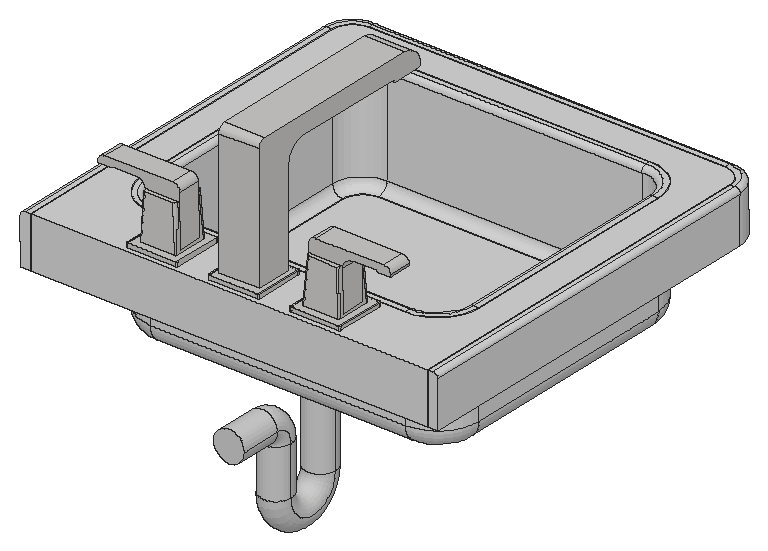
Revit family
Parameters (values of type "Sink_Wall-Mounted_Reed")
  Subcategory = "Commercial Lavatories and Sinks"  # constant formula
  SmartBIM Object Version = 3  # constant formula
  SmartBIM Object Created By = "Reed Construction Data"  # constant formula
  Assembly Code = "D2010440"
  Depth = 1' - 8"
  Material = Finishes - Interior - Porcelain
  Height = 3' - 0"
  Width = 1' - 8 1/2"
  95 CSI = "15410-600"  # constant formula
  04 CSI = "22 42 16"  # constant formula
Reference planes (in)
  plane 1: y = 0
  plane 2: x = 11.55865
  plane 3: z = 36
  plane 4: y = 3
  plane 5: y = 23
  plane 6: x = 21.80865
  plane 7: x = 1.30865
  plane 8: z = 30
  plane 9: x = 8.43365
  plane 10: x = 14.6776
  plane 11: y = 5
Forms (in)
  Extrusion 1, solid, material "Finishes - Interior - Porcelain" <- "Material"
    sketch origin (0, 0, 36) x (0, 1, 0) y (-1, 0, 0)
      loop
        line (21.5, -1.80865) -> (3, -1.80865) -> (3, -21.30865) -> (21.5, -21.30865)
        arc (21.5, -21.30865) -> (22.20711, -21.01576) -> (22.5, -20.30865) r 1
        line (22.5, -20.30865) -> (22.5, -2.80865)
        arc (22.5, -2.80865) -> (22.20711, -2.10154) -> (21.5, -1.80865) r 1
    from 0 to -2.5
  Sweep 2, solid, material "Finishes - Interior - Porcelain" <- "Material"
    path origin (0, 0, 36) x (0, 1, 0) y (-1, 0, 0)
      loop
        line (3, -1.80865) -> (21.5, -1.80865)
        arc (21.5, -1.80865) -> (22.20711, -2.10154) -> (22.5, -2.80865) r 1
        line (22.5, -2.80865) -> (22.5, -20.30865)
        arc (22.5, -20.30865) -> (22.20711, -21.01576) -> (21.5, -21.30865) r 1
        line (21.5, -21.30865) -> (3, -21.30865)
    profile origin (0, 12.25, 34) x (-1, 0, 0) y (0, 0, 1)
      loop
        line (-1.80865, -0.5) -> (-1.30865, -0.5) -> (-1.30865, 1.75)
        arc (-1.30865, 1.75) -> (-1.38187, 1.92678) -> (-1.55865, 2) r 0.25
        line (-1.55865, 2) -> (-1.80865, 2) -> (-1.80865, -0.5)
  Sweep 3, solid, material "Metal - Stainless Steel, Satin Plain"
    path origin (11.55865, 0, 0) x (0, -1, 0) y (0, 0, 1)
      loop
        line (-8.43901, 30) -> (-8.43901, 25.94394)
        arc (-8.43901, 25.94394) -> (-7.2195, 24.72443) -> (-6, 25.94394) r 1.2195
        line (-6, 25.94394) -> (-6, 28.34196)
        arc (-6, 28.34196) -> (-5.70711, 29.04907) -> (-5, 29.34196) r 1
        line (-5, 29.34196) -> (-3, 29.34196)
    profile origin (11.55865, 0, 27.97197) x (-1, 0, 0) y (0, -1, 0)
      loop
        circle (0, -8.58304) r 0.75
  Extrusion 4, void
    sketch origin (0, 0, 36) x (0, 1, 0) y (-1, 0, 0)
      loop
        arc (21, -5.30865) -> (20.41421, -3.89444) -> (19, -3.30865) r 2
        line (19, -3.30865) -> (8, -3.30865)
        arc (8, -3.30865) -> (6.58579, -3.89444) -> (6, -5.30865) r 2
        line (6, -5.30865) -> (6, -17.80865)
        arc (6, -17.80865) -> (6.58579, -19.22286) -> (8, -19.80865) r 2
        line (8, -19.80865) -> (19, -19.80865)
        arc (19, -19.80865) -> (20.41421, -19.22286) -> (21, -17.80865) r 2
        line (21, -17.80865) -> (21, -5.30865)
    from 0 to -4
  Sweep 5, solid, material "Finishes - Interior - Porcelain" <- "Material"
    path origin (0, 0, 36) x (0, 1, 0) y (-1, 0, 0)
      loop
        arc (21, -5.30865) -> (20.41421, -3.89444) -> (19, -3.30865) r 2
        line (19, -3.30865) -> (8, -3.30865)
        arc (8, -3.30865) -> (6.58579, -3.89444) -> (6, -5.30865) r 2
        line (6, -5.30865) -> (6, -17.80865)
        arc (6, -17.80865) -> (6.58579, -19.22286) -> (8, -19.80865) r 2
        line (8, -19.80865) -> (19, -19.80865)
        arc (19, -19.80865) -> (20.41421, -19.22286) -> (21, -17.80865) r 2
        line (21, -17.80865) -> (21, -5.30865)
    profile origin (11.55865, 0, 34) x (0, 1, 0) y (0, 0, 1)
      loop
        line (21, 2) -> (20.75, 2)
        arc (20.75, 2) -> (20.57322, 1.92678) -> (20.5, 1.75) r 0.25
        line (20.5, 1.75) -> (20.5, -3)
        arc (20.5, -3) -> (20.35355, -3.35355) -> (20, -3.5) r 0.5
        line (20, -3.5) -> (20, -4)
        arc (20, -4) -> (20.70711, -3.70711) -> (21, -3) r 1
        line (21, -3) -> (21, 2)
  Extrusion 6, solid, material "Finishes - Interior - Porcelain"
    sketch origin (0, 0, 30) x (1, 0, 0) y (0, 1, 0)
      loop
        arc (5.30865, 20) -> (4.60154, 19.70711) -> (4.30865, 19) r 1
        line (4.30865, 19) -> (4.30865, 8)
        arc (4.30865, 8) -> (4.60154, 7.29289) -> (5.30865, 7) r 1
        line (5.30865, 7) -> (17.80865, 7)
        arc (17.80865, 7) -> (18.51576, 7.29289) -> (18.80865, 8) r 1
        line (18.80865, 8) -> (18.80865, 19)
        arc (18.80865, 19) -> (18.51576, 19.70711) -> (17.80865, 20) r 1
        line (17.80865, 20) -> (5.30865, 20)
      loop
        circle (11.55865, 8.58304) r 0.88678
    from 0 to 0.5
Cuts and joins
  Extrusion 4 cuts Extrusion 1
  Extrusion 4 cuts Sweep 2
  Extrusion 4 cuts Sweep 3
Lines and regions (in)
  symbolic lines
    curve 1: line (1.30865, 3, 0) -> (21.80865, 3, 0)
    curve 2: line (4.30865, 19, 0) -> (4.30865, 8, 0)
    curve 3: arc (5.30865, 20, 0) -> (4.60154, 19.70711, 0) -> (4.30865, 19, 0) r 1
    curve 4: line (17.80865, 20, 0) -> (5.30865, 20, 0)
    curve 5: arc (17.80865, 20, 0) -> (18.51576, 19.70711, 0) -> (18.80865, 19, 0) r 1
    curve 6: line (18.80865, 8, 0) -> (18.80865, 19, 0)
    curve 7: arc (5.30865, 7, 0) -> (4.60154, 7.29289, 0) -> (4.30865, 8, 0) r 1
    curve 8: arc (18.80865, 8, 0) -> (18.51576, 7.29289, 0) -> (17.80865, 7, 0) r 1
    curve 9: arc (2.30865, 23, 0) -> (1.60154, 22.70711, 0) -> (1.30865, 22, 0) r 1
    curve 10: line (1.30865, 22, 0) -> (1.30865, 3, 0)
    curve 11: line (20.80865, 23, 0) -> (2.30865, 23, 0)
    curve 12: arc (20.80865, 23, 0) -> (21.51576, 22.70711, 0) -> (21.80865, 22, 0) r 1
    curve 13: line (21.80865, 3, 0) -> (21.80865, 22, 0)
    curve 14: line (5.30865, 7, 0) -> (17.80865, 7, 0)
Text (in)
  text "Interior" at (0, 9.57251, 67.90327), in view "Right"
  text "Interior" at (-36.7675, 10.91449, 0), in view "Floor Line"
  text "Interior" at (0, 31.00986, 85.16182), in view "Left"
Dimensions and locks (in)
  "Depth": plane 4 to plane 5
  equal spacing: plane 7, plane 2, plane 6
  "Width": plane 7 to plane 6
  "Height": level to plane 3
  locked: plane 3 to plane 8 at 6
  locked: plane 4 to plane 11 at 2
  locked: plane 7 to Sweep 5 sketch curve at 2
  locked: Sweep 5 sketch curve to plane 6 at 2
  locked: plane 7 to Extrusion 4 sketch curve at 2
  locked: Extrusion 4 sketch curve to plane 6 at 2
  aligned and locked: curve 1 to host wall
  aligned and locked: plane 4 to host wall
  aligned and locked: Extrusion 6 sketch curve to Sweep 5  (x2)
  aligned and locked: Sweep 5 to Extrusion 6 sketch curve  (x2)
  aligned and locked: curve 6 to Extrusion 6
  aligned and locked: Sweep 5 to plane 3
  aligned and locked: plane 3 to nested 1
  aligned and locked: plane 2 to nested 1
Automatic sketch dimensions
  Sweep 3 sketch curve to plane 8 = 0' - 0"
  Sweep 3 sketch curve to plane 4 = 0' - 0"
  Sweep 3 sketch curve to plane 4 = 0' - 2"
  Sweep 3 sketch curve to plane 4 = 0' - 3"
  Sweep 3 sketch curve to Sweep 3 sketch curve = 0' - 1.2195"
  plane 8 to Sweep 3 sketch curve = 0' - 0.65804"
  Sweep 3 sketch curve to Sweep 3 sketch curve = 0' - 2.39803"
  Sweep 2 sketch curve to profile plane = 0' - 0"
  Sweep 2 sketch curve to plane 3 = 0' - 0"
  Sweep 2 sketch curve to profile plane = 0' - 0 1/4"
  Sweep 2 sketch curve to Sweep 2 sketch curve = 0' - 0 1/4"
  Sweep 2 sketch curve to Sweep 2 sketch curve = 0' - 2 1/4"
  Extrusion 4 sketch curve to plane 4 = 0' - 3"
  Extrusion 4 sketch curve to Extrusion 4 sketch curve = 0' - 2"  (x2)
  plane 5 to Extrusion 4 sketch curve = 0' - 4"  (x2)
  plane 5 to Extrusion 4 sketch curve = 0' - 2"
  Sweep 5 sketch curve to plane 4 = 0' - 3"
  Sweep 5 sketch curve to Sweep 5 sketch curve = 0' - 2"  (x2)
  plane 5 to Sweep 5 sketch curve = 0' - 4"  (x2)
  plane 5 to Sweep 5 sketch curve = 0' - 2"
  Extrusion 6 sketch curve to plane 2 = 0' - 0"
  Extrusion 6 sketch curve to Extrusion 6 sketch curve = 0' - 1"  (x4)
  Extrusion 6 sketch curve to Extrusion 6 sketch curve = 0' - 0.88678"
  Extrusion 6 sketch curve to Extrusion 6 sketch curve = 0' - 0"  (x2)
  Extrusion 6 sketch curve to plane 11 = 0' - 3.58304"
  Sweep 5 sketch curve to plane 3 = 0' - 0"
  Sweep 5 sketch curve to profile plane = 0' - 0"
  profile plane to Sweep 5 sketch curve = 0' - 0 1/4"
  profile plane to Sweep 5 sketch curve = 0' - 0 1/2"
  Sweep 5 sketch curve to Sweep 5 sketch curve = 0' - 0 1/2"
  Sweep 5 sketch curve to Sweep 5 sketch curve = 0' - 4 3/4"
  Sweep 5 sketch curve to Sweep 5 sketch curve = 0' - 0"
  plane 5 to Extrusion 1 sketch curve = 0' - 1 1/2"  (x2)
  plane 5 to Extrusion 1 sketch curve = 0' - 0 1/2"
  plane 6 to Extrusion 1 sketch curve = 0' - 1 1/2"
  host wall to Extrusion 1 sketch curve = 0' - 0"
  Extrusion 1 sketch curve to plane 7 = 0' - 1 1/2"
  Sweep 2 sketch curve to plane 4 = 0' - 0"  (x2)
  plane 5 to Sweep 2 sketch curve = 0' - 1 1/2"  (x2)
  plane 6 to Sweep 2 sketch curve = 0' - 0 1/2"
  plane 5 to Sweep 2 sketch curve = 0' - 0 1/2"
  Sweep 2 sketch curve to plane 7 = 0' - 1 1/2"
  curve 10 to host wall = 0' - 0"
  curve 10 to plane 7 = 0' - 0"
  curve 1 to plane 7 = 0' - 0"
  curve 11 to plane 5 = 0' - 0"
  curve 13 to plane 6 = 0' - 0"
  curve 1 to plane 6 = 0' - 0"
  curve 13 to host wall = 0' - 0"
  plane 5 to curve 9 = 0' - 1"
  curve 2 to plane 7 = 0' - 3"
  curve 3 to curve 3 = 0' - 1"
  curve 7 to curve 14 = 0' - 1"
  curve 7 to curve 14 = 0' - 0"  (x2)
  curve 4 to curve 5 = 0' - 1"
  curve 8 to curve 8 = 0' - 1"
  curve 14 to curve 8 = 0' - 0"
  plane 6 to curve 11 = 0' - 1"
  curve 14 to plane 11 = 0' - 2"
  curve 8 to curve 14 = 0' - 0"
  curve 6 to curve 12 = 0' - 3"
  Sweep 3 sketch curve to plane 2 = 0' - 0"
  profile plane to Sweep 3 sketch curve = 0' - 0.14404"
  Sweep 3 sketch curve to Sweep 3 sketch curve = 0' - 0 3/4"
Nested families (in)
  nested 1: "Faucet_3586_DeltaFaucet" at (11.55865, 4.5, 36) x (-1, 0, 0) z (0, 0, 1), type "Faucet_3586_DeltaFaucet"
Definition of nested family "Faucet_3586_DeltaFaucet"
  Parameters
    Urban Collection = "ARZO"
    URL = "http://www.deltafaucet.com"
    Subcategory = "Faucet"
    SmartBIM Object Version = 3  # constant formula
    SmartBIM Object Created By = "Reed Construction Data"  # constant formula
    Model = "3586"  # constant formula
    Manufacturer = "Delta Faucet Company"  # constant formula
    Keynote = "15410"
    Faucet = Stainless Steel
    Default Elevation = 4' - 0"
    Assembly Code = "D2010300"
    95 CSI = "15410"  # constant formula
    04 CSI = "22 41 39"  # constant formula
  Reference planes (in)
    plane 1 "Center (Front/Back)": y = 0
    plane 2: z = 0
    plane 3 "Center (Left/Right)": x = 0
  Forms (in)
    Extrusion 1, solid, material "Stainless Steel" <- "Faucet"
      sketch origin (1.25168, -5.58909, 0) x (1, 0, 0) y (0, 1, 0)
        loop
          arc (3.92765, 4.34912) -> (3.9798, 4.37072) -> (4.0014, 4.42287) r 0.07375
          line (4.0014, 4.42287) -> (4.0014, 6.77049)
          arc (4.0014, 6.77049) -> (3.98423, 6.81194) -> (3.94278, 6.82912) r 0.05863
          line (3.94278, 6.82912) -> (1.56865, 6.82912)
          arc (1.56865, 6.82912) -> (1.5272, 6.81194) -> (1.51003, 6.77049) r 0.05863
          line (1.51003, 6.77049) -> (1.51003, 4.42287)
          arc (1.51003, 4.42287) -> (1.53163, 4.37072) -> (1.58378, 4.34912) r 0.07375
          line (1.58378, 4.34912) -> (3.92765, 4.34912)
        loop
          line (3.90567, 6.76662) -> (1.60576, 6.76662)
          arc (1.60576, 6.76662) -> (1.58226, 6.75688) -> (1.57253, 6.73339) r 0.03323
          line (1.57253, 6.73339) -> (1.57253, 4.48253)
          arc (1.57253, 4.48253) -> (1.5933, 4.43239) -> (1.64344, 4.41162) r 0.07092
          line (1.64344, 4.41162) -> (3.86799, 4.41162)
          arc (3.86799, 4.41162) -> (3.91813, 4.43239) -> (3.9389, 4.48253) r 0.07092
          line (3.9389, 4.48253) -> (3.9389, 6.73339)
          arc (3.9389, 6.73339) -> (3.92917, 6.75688) -> (3.90567, 6.76662) r 0.03323
      from 0 to 0.21875
    Extrusion 2, solid, material "Stainless Steel" <- "Faucet"
      sketch origin (0.00446, 0.00003, 0) x (1, 0, 0) y (0, 0, 1)
        loop
          arc (3.52029, 3.15586) -> (3.27385, 3.056) -> (3.16646, 2.81275) r 0.354
          line (3.16646, 2.81275) -> (3.12333, 0.34205) -> (4.8767, 0.34205) -> (4.84216, 2.32117)
          arc (4.84216, 2.32117) -> (4.97756, 2.66056) -> (5.31453, 2.80186) r 0.47244
          line (5.31453, 2.80186) -> (6.47696, 2.80186)
          arc (6.47696, 2.80186) -> (6.53017, 2.79117) -> (6.57513, 2.76076) r 0.1378
          arc (6.57513, 2.76076) -> (6.59471, 2.74752) -> (6.61788, 2.74286) r 0.06
          line (6.61788, 2.74286) -> (7.12254, 2.74286)
          arc (7.12254, 2.74286) -> (7.17143, 2.77199) -> (7.18815, 2.82639) r 0.07918
          arc (7.18815, 2.82639) -> (7.07649, 3.0607) -> (6.835, 3.15586) r 0.354
          line (6.835, 3.15586) -> (3.52029, 3.15586)
      from -0.56 to 0.56
    Blend 3, solid, material "Stainless Steel" <- "Faucet"
      base sketch origin (0.29106, 3.03454, 0) x (1, 0, 0) y (0, 1, 0)
        loop
          arc (2.8698, -2.15629) -> (2.84202, -2.16779) -> (2.83051, -2.19557) r 0.03928
          line (2.83051, -2.19557) -> (2.83051, -3.87572)
          arc (2.83051, -3.87572) -> (2.84137, -3.90194) -> (2.86759, -3.9128) r 0.03708
          line (2.86759, -3.9128) -> (4.54714, -3.9128)
          arc (4.54714, -3.9128) -> (4.57652, -3.90063) -> (4.58869, -3.87125) r 0.04155
          line (4.58869, -3.87125) -> (4.58869, -2.20099)
          arc (4.58869, -2.20099) -> (4.5756, -2.16938) -> (4.54399, -2.15629) r 0.04471
          line (4.54399, -2.15629) -> (2.8698, -2.15629)
      top sketch origin (0.29106, 3.03454, 0) x (1, 0, 0) y (0, 1, 0)
        loop
          arc (4.38019, -3.81454) -> (4.46239, -3.78049) -> (4.49644, -3.69829) r 0.11625
          line (4.49644, -3.69829) -> (4.49644, -2.30778)
          arc (4.49644, -2.30778) -> (4.47938, -2.2666) -> (4.4382, -2.24954) r 0.05824
          line (4.4382, -2.24954) -> (3.04188, -2.24954)
          arc (3.04188, -2.24954) -> (2.95686, -2.28476) -> (2.92164, -2.36978) r 0.12024
          line (2.92164, -2.36978) -> (2.92164, -3.69935)
          arc (2.92164, -3.69935) -> (2.95538, -3.7808) -> (3.03683, -3.81454) r 0.11519
          line (3.03683, -3.81454) -> (4.38019, -3.81454)
      from 0.18743 to 2.40967
    Extrusion 4, solid, material "Stainless Steel" <- "Faucet"
      sketch origin (0.29106, 3.03454, 0) x (1, 0, 0) y (0, 1, 0)
        loop
          line (2.47065, -1.85314) -> (2.47065, -4.20076)
          arc (2.47065, -4.20076) -> (2.49225, -4.25291) -> (2.5444, -4.27451) r 0.07375
          line (2.5444, -4.27451) -> (4.88828, -4.27451)
          arc (4.88828, -4.27451) -> (4.94043, -4.25291) -> (4.96203, -4.20076) r 0.07375
          line (4.96203, -4.20076) -> (4.96203, -1.85314)
          arc (4.96203, -1.85314) -> (4.94486, -1.81168) -> (4.9034, -1.79451) r 0.05863
          line (4.9034, -1.79451) -> (2.52928, -1.79451)
          arc (2.52928, -1.79451) -> (2.48782, -1.81168) -> (2.47065, -1.85314) r 0.05863
      from 0.19129 to 0.22252
    Extrusion 5, solid, material "Stainless Steel" <- "Faucet"
      sketch origin (-1.2386, -5.58909, 0) x (-1, 0, 0) y (0, -1, 0)
        loop
          line (3.92765, -4.34912) -> (1.58378, -4.34912)
          arc (1.58378, -4.34912) -> (1.53163, -4.37072) -> (1.51003, -4.42287) r 0.07375
          line (1.51003, -4.42287) -> (1.51003, -6.77049)
          arc (1.51003, -6.77049) -> (1.5272, -6.81194) -> (1.56865, -6.82912) r 0.05863
          line (1.56865, -6.82912) -> (3.94278, -6.82912)
          arc (3.94278, -6.82912) -> (3.98423, -6.81194) -> (4.0014, -6.77049) r 0.05863
          line (4.0014, -6.77049) -> (4.0014, -4.42287)
          arc (4.0014, -4.42287) -> (3.9798, -4.37072) -> (3.92765, -4.34912) r 0.07375
        loop
          arc (3.90567, -6.76662) -> (3.92917, -6.75688) -> (3.9389, -6.73339) r 0.03323
          line (3.9389, -6.73339) -> (3.9389, -4.48253)
          arc (3.9389, -4.48253) -> (3.91813, -4.43239) -> (3.86799, -4.41162) r 0.07092
          line (3.86799, -4.41162) -> (1.64344, -4.41162)
          arc (1.64344, -4.41162) -> (1.5933, -4.43239) -> (1.57253, -4.48253) r 0.07092
          line (1.57253, -4.48253) -> (1.57253, -6.73339)
          arc (1.57253, -6.73339) -> (1.58226, -6.75688) -> (1.60576, -6.76662) r 0.03323
          line (1.60576, -6.76662) -> (3.90567, -6.76662)
      from 0 to 0.21875
    Extrusion 6, solid, material "Stainless Steel" <- "Faucet"
      sketch origin (0.00863, 0.00003, 0) x (-1, 0, 0) y (0, 0, -1)
        loop
          line (3.52029, -3.15586) -> (6.835, -3.15586)
          arc (6.835, -3.15586) -> (7.07649, -3.0607) -> (7.18815, -2.82639) r 0.354
          arc (7.18815, -2.82639) -> (7.17143, -2.77199) -> (7.12254, -2.74286) r 0.07918
          line (7.12254, -2.74286) -> (6.61788, -2.74286)
          arc (6.61788, -2.74286) -> (6.59471, -2.74752) -> (6.57513, -2.76076) r 0.06
          arc (6.57513, -2.76076) -> (6.53017, -2.79117) -> (6.47696, -2.80186) r 0.1378
          line (6.47696, -2.80186) -> (5.31453, -2.80186)
          arc (5.31453, -2.80186) -> (4.97756, -2.66056) -> (4.84216, -2.32117) r 0.47244
          line (4.84216, -2.32117) -> (4.8767, -0.34205) -> (3.12333, -0.34205) -> (3.16646, -2.81275)
          arc (3.16646, -2.81275) -> (3.27385, -3.056) -> (3.52029, -3.15586) r 0.354
      from -0.56 to 0.56
    Blend 7, solid, material "Stainless Steel" <- "Faucet"
      base sketch origin (-0.27797, 3.03454, 0) x (-1, 0, 0) y (0, -1, 0)
        loop
          line (2.8698, 2.15629) -> (4.54399, 2.15629)
          arc (4.54399, 2.15629) -> (4.5756, 2.16938) -> (4.58869, 2.20099) r 0.04471
          line (4.58869, 2.20099) -> (4.58869, 3.87125)
          arc (4.58869, 3.87125) -> (4.57652, 3.90063) -> (4.54714, 3.9128) r 0.04155
          line (4.54714, 3.9128) -> (2.86759, 3.9128)
          arc (2.86759, 3.9128) -> (2.84137, 3.90194) -> (2.83051, 3.87572) r 0.03708
          line (2.83051, 3.87572) -> (2.83051, 2.19557)
          arc (2.83051, 2.19557) -> (2.84202, 2.16779) -> (2.8698, 2.15629) r 0.03928
      top sketch origin (-0.27797, 3.03454, 0) x (-1, 0, 0) y (0, -1, 0)
        loop
          line (4.38019, 3.81454) -> (3.03683, 3.81454)
          arc (3.03683, 3.81454) -> (2.95538, 3.7808) -> (2.92164, 3.69935) r 0.11519
          line (2.92164, 3.69935) -> (2.92164, 2.36978)
          arc (2.92164, 2.36978) -> (2.95686, 2.28476) -> (3.04188, 2.24954) r 0.12024
          line (3.04188, 2.24954) -> (4.4382, 2.24954)
          arc (4.4382, 2.24954) -> (4.47938, 2.2666) -> (4.49644, 2.30778) r 0.05824
          line (4.49644, 2.30778) -> (4.49644, 3.69829)
          arc (4.49644, 3.69829) -> (4.46239, 3.78049) -> (4.38019, 3.81454) r 0.11625
      from 0.18743 to 2.40967
    Extrusion 8, solid, material "Stainless Steel" <- "Faucet"
      sketch origin (-0.27797, 3.03454, 0) x (-1, 0, 0) y (0, -1, 0)
        loop
          arc (2.47065, 1.85314) -> (2.48782, 1.81168) -> (2.52928, 1.79451) r 0.05863
          line (2.52928, 1.79451) -> (4.9034, 1.79451)
          arc (4.9034, 1.79451) -> (4.94486, 1.81168) -> (4.96203, 1.85314) r 0.05863
          line (4.96203, 1.85314) -> (4.96203, 4.20076)
          arc (4.96203, 4.20076) -> (4.94043, 4.25291) -> (4.88828, 4.27451) r 0.07375
          line (4.88828, 4.27451) -> (2.5444, 4.27451)
          arc (2.5444, 4.27451) -> (2.49225, 4.25291) -> (2.47065, 4.20076) r 0.07375
          line (2.47065, 4.20076) -> (2.47065, 1.85314)
      from 0.19129 to 0.22252
    Extrusion 9, solid, material "Stainless Steel" <- "Faucet"
      sketch origin (0, 0, 0) x (0, 1, 0) y (0, 0, 1)
        loop
          line (0.88617, 0.19129) -> (0.88617, 6.34014)
          arc (0.88617, 6.34014) -> (0.78585, 6.58234) -> (0.54365, 6.68266) r 0.34252
          line (0.54365, 6.68266) -> (-8.05118, 6.68266)
          arc (-8.05118, 6.68266) -> (-8.69323, 6.41568) -> (-8.95668, 5.77217) r 0.90551
          arc (-8.95668, 5.77217) -> (-8.92209, 5.68866) -> (-8.83858, 5.65407) r 0.1181
          line (-8.83858, 5.65407) -> (-7.45752, 5.65407)
          arc (-7.45752, 5.65407) -> (-7.39603, 5.6677) -> (-7.34606, 5.70604) r 0.1455
          arc (-7.34606, 5.70604) -> (-7.25666, 5.75838) -> (-7.15399, 5.77218) r 0.26335
          line (-7.15399, 5.77218) -> (-1.79134, 5.77218)
          arc (-1.79134, 5.77218) -> (-1.08698, 5.44373) -> (-0.88583, 4.69303) r 0.91948
          line (-0.88583, 4.69303) -> (-0.88583, 0.19129) -> (0.88617, 0.19129)
      from -0.9845 to 0.9845
    Extrusion 10, solid, material "Stainless Steel" <- "Faucet"
      sketch origin (2.7614, -5.58909, 0) x (-1, 0, 0) y (0, -1, 0)
        loop
          line (3.92765, -4.34912) -> (1.58378, -4.34912)
          arc (1.58378, -4.34912) -> (1.53163, -4.37072) -> (1.51003, -4.42287) r 0.07375
          line (1.51003, -4.42287) -> (1.51003, -6.77049)
          arc (1.51003, -6.77049) -> (1.5272, -6.81194) -> (1.56865, -6.82912) r 0.05863
          line (1.56865, -6.82912) -> (3.94278, -6.82912)
          arc (3.94278, -6.82912) -> (3.98423, -6.81194) -> (4.0014, -6.77049) r 0.05863
          line (4.0014, -6.77049) -> (4.0014, -4.42287)
          arc (4.0014, -4.42287) -> (3.9798, -4.37072) -> (3.92765, -4.34912) r 0.07375
        loop
          arc (3.90567, -6.76662) -> (3.92917, -6.75688) -> (3.9389, -6.73339) r 0.03323
          line (3.9389, -6.73339) -> (3.9389, -4.48253)
          arc (3.9389, -4.48253) -> (3.91813, -4.43239) -> (3.86799, -4.41162) r 0.07092
          line (3.86799, -4.41162) -> (1.64344, -4.41162)
          arc (1.64344, -4.41162) -> (1.5933, -4.43239) -> (1.57253, -4.48253) r 0.07092
          line (1.57253, -4.48253) -> (1.57253, -6.73339)
          arc (1.57253, -6.73339) -> (1.58226, -6.75688) -> (1.60576, -6.76662) r 0.03323
          line (1.60576, -6.76662) -> (3.90567, -6.76662)
      from 0 to 0.21875
    Extrusion 11, solid, material "Stainless Steel" <- "Faucet"
      sketch origin (3.72203, 3.03454, 0) x (-1, 0, 0) y (0, -1, 0)
        loop
          arc (2.47065, 1.85314) -> (2.48782, 1.81168) -> (2.52928, 1.79451) r 0.05863
          line (2.52928, 1.79451) -> (4.9034, 1.79451)
          arc (4.9034, 1.79451) -> (4.94486, 1.81168) -> (4.96203, 1.85314) r 0.05863
          line (4.96203, 1.85314) -> (4.96203, 4.20076)
          arc (4.96203, 4.20076) -> (4.94043, 4.25291) -> (4.88828, 4.27451) r 0.07375
          line (4.88828, 4.27451) -> (2.5444, 4.27451)
          arc (2.5444, 4.27451) -> (2.49225, 4.25291) -> (2.47065, 4.20076) r 0.07375
          line (2.47065, 4.20076) -> (2.47065, 1.85314)
      from 0.19129 to 0.22252
    Extrusion 12, solid, material "Stainless Steel" <- "Faucet"
      sketch origin (0, 0, 0) x (1, 0, 0) y (0, 1, 0)
        loop
          circle (0, -8.1794) r 0.56835
        loop
          circle (0, -8.1794) r 0.34912
      from 5.39191 to 5.77218
    Extrusion 13, solid, material "Default"
      sketch origin (0, 0, 0) x (1, 0, 0) y (0, 1, 0)
        loop
          circle (0, -8.1794) r 0.34912
        loop
          circle (0, -8.1794) r 0.06239
        loop
          line (-0.15724, -7.88519) -> (-0.04812, -8.13029)
          arc (-0.04812, -8.13029) -> (-0.03324, -8.11921) -> (-0.01594, -8.11252) r 0.06876
          line (-0.01594, -8.11252) -> (-0.07481, -7.86554)
          arc (-0.07481, -7.86554) -> (-0.11988, -7.85918) -> (-0.15724, -7.88519) r 0.06227
        loop
          arc (-0.15724, -8.47361) -> (-0.11988, -8.49963) -> (-0.07481, -8.49326) r 0.06227
          line (-0.07481, -8.49326) -> (-0.01594, -8.24629)
          arc (-0.01594, -8.24629) -> (-0.03324, -8.23959) -> (-0.04812, -8.22852) r 0.06876
          line (-0.04812, -8.22852) -> (-0.15724, -8.47361)
        loop
          arc (0.15724, -7.88519) -> (0.11988, -7.85918) -> (0.07481, -7.86554) r 0.06227
          line (0.07481, -7.86554) -> (0.01594, -8.11252)
          arc (0.01594, -8.11252) -> (0.03324, -8.11921) -> (0.04812, -8.13029) r 0.06876
          line (0.04812, -8.13029) -> (0.15724, -7.88519)
        loop
          line (0.15724, -8.47361) -> (0.04812, -8.22852)
          arc (0.04812, -8.22852) -> (0.03324, -8.23959) -> (0.01594, -8.24629) r 0.06876
          line (0.01594, -8.24629) -> (0.07481, -8.49326)
          arc (0.07481, -8.49326) -> (0.11988, -8.49963) -> (0.15724, -8.47361) r 0.06227
        loop
          arc (0.33107, -8.21516) -> (0.34274, -8.17116) -> (0.32134, -8.13097) r 0.06227
          line (0.32134, -8.13097) -> (0.0661, -8.16048)
          arc (0.0661, -8.16048) -> (0.06875, -8.17854) -> (0.06656, -8.19666) r 0.06876
          line (0.06656, -8.19666) -> (0.33107, -8.21516)
        loop
          line (-0.33107, -8.21516) -> (-0.06656, -8.19666)
          arc (-0.06656, -8.19666) -> (-0.06875, -8.17854) -> (-0.0661, -8.16048) r 0.06876
          line (-0.0661, -8.16048) -> (-0.32134, -8.13097)
          arc (-0.32134, -8.13097) -> (-0.34274, -8.17116) -> (-0.33107, -8.21516) r 0.06227
      from 5.50169 to 5.65407
  Cuts and joins
    joined: Extrusion 1, Extrusion 4
    joined: Extrusion 2, Blend 3, Extrusion 5, Extrusion 6, Blend 7, Extrusion 9, Extrusion 11, Extrusion 12
  Dimensions and locks (in)
    aligned and locked: Extrusion 4 sketch curve to Extrusion 1
    aligned and locked: Extrusion 8 sketch curve to Extrusion 5
    aligned and locked: Extrusion 11 sketch curve to Extrusion 10
    aligned and locked: Extrusion 9 to Extrusion 12
    aligned and locked: Extrusion 13 to cut or joined group of Extrusion 2, Blend 3, Extrusion 5, Extrusion 6, Blend 7, Extrusion 9, Extrusion 11, Extrusion 12
